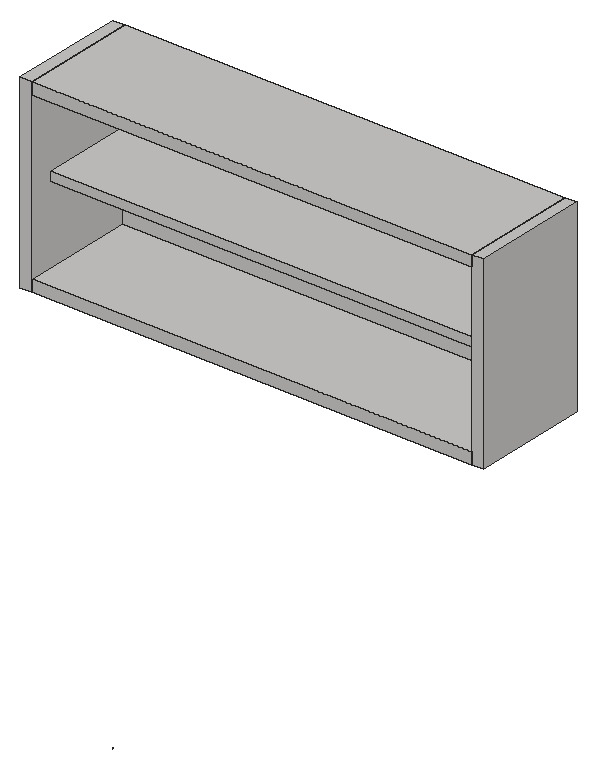
Revit family "QF_ELECTROLUXPROFESSIONAL_133259_PA1600LCN", category Attrezzature speciali, Revit 2020
Family settings
  Quota connettore circolare = Usa diametro
  Tipo di parte = Normale
  Basato su piano di lavoro = No
  Sempre verticale = Sì
  Taglio con vuoti quando caricato = No
  Condiviso = No
  Punto di calcolo locali = No
Parameters (values of type "Standard")
  Weight = 25.00 kg
  Watts = 0 W
  Volts = 0 V
  URL Manufacturer = "https://www.electroluxprofessional.com/"
  URL = "https://www.electroluxprofessional.com/"
  Steam Supply Size = 0 mm
  Steam Supply Minimum Pressure = 0.0 Pa
  Steam Supply Maximum Pressure = 0.0 Pa
  Steam Consumption per Hour = 0
  Refrigeration Suction Line Size = 0.0 mm
  Refrigeration Liquid Line Size = 0.0 mm
  Refrigerant Compressor Remote = yes
  Prospetto di default = 0.0 mm
  Phase = 0
  Modello = "PA1600LCN"
  Produttore = "Electrolux Professional"
  Length Actual = 1600.0 mm  # constant formula
  Item Number = "133259"
  Hot Water Size = 0 mm
  Height Actual = 650.0 mm  # constant formula
  HP = "0 HP"
  Gas Size = 0 mm
  Gas KW = 0
  Gas Input Pressure = 0 W
  Direct Waste Size = 0 mm
  Descrizione = "OPEN WALL CUPBOARD 1600 MM"
  Depth Actual = 400.0 mm  # constant formula
  Cycle = 0 Hz
  Condensate Return Size = 0 mm
  Compressed Air Volume = 0.0 L/s
  Compressed Air Size = 0 mm
  Compressed Air Pressure = 0.0 Pa
  Cold Water Size = 0 mm
  Accessory = yes
Reference planes
  plane 1 "Center (Front/Back)": y = 0
  plane 2: z = 0
  plane 3 "Center (Left/Right)": x = -300
  plane 4 "LEFT": x = -1100
  plane 5 "RIGHT": x = 500
  plane 6 "BACK": y = 200
  plane 7 "FRONT": y = -200
  plane 8 "Base": z = 2250
  plane 9 "BASE": z = 1600
  plane 10: x = -1060
  plane 11: x = 460
  plane 12: y = -197
  plane 13: y = 150
  plane 14: y = 190
  plane 15 "Ripiano": z = 1910
  plane 16: z = 1940
Forms (mm)
  Extrusion 1, solid, material "QF_Finishes_Stainless Steel"
    sketch origin (0, 0, 1600) x (-1, 0, 0) y (0, -1, 0)
      loop
        line (1100, -200) -> (1100, 200) -> (1060, 200) -> (1060, -200) -> (1100, -200)
      loop
        line (-460, -200) -> (-460, 200) -> (-500, 200) -> (-500, -200) -> (-460, -200)
    from 0 to 650
  Extrusion 2, solid, material "QF_Finishes_Stainless Steel"
    sketch origin (0, 0, 1600) x (-1, 0, 0) y (0, -1, 0)
      loop
        line (1060, -200) -> (1060, 200) -> (-460, 200) -> (-460, -200) -> (1060, -200)
    from 0 to 40
  Extrusion 3, solid, material "QF_Finishes_Stainless Steel"
    sketch origin (0, 0, 0) x (1, 0, 0) y (0, 1, 0)
      loop
        line (-1060, -200) -> (460, -200) -> (460, 200) -> (-1060, 200) -> (-1060, -200)
    from 2210 to 2250
  Extrusion 4, solid, material "QF_Finishes_Stainless Steel"
    sketch origin (0, 0, 0) x (1, 0, 0) y (0, 1, 0)
      loop
        line (-1100, 200) -> (-1100, 199) -> (-1099, 199) -> (-1099, 200) -> (-1100, 200)
    from 0 to 1
  Extrusion 5, solid, material "QF_Finishes_Stainless Steel"
    sketch origin (0, 0, 1910) x (-1, 0, 0) y (0, -1, 0)
      loop
        line (1060, -190) -> (1060, 124.1) -> (-460, 124.1) -> (-460, -190) -> (1060, -190)
    from 0 to 30
  Extrusion 6, solid, material "QF_Finishes_Stainless Steel"
    sketch origin (0, 0, 1910) x (-1, 0, 0) y (0, -1, 0)
      loop
        line (1060, -200) -> (1060, -190) -> (-460, -190) -> (-460, -200) -> (1060, -200)
    from -270 to 300
Lines and regions (mm)
  symbolic lines
    curve 1: line (500, 200, 0) -> (-1100, -200, 0)
    curve 2: line (-1100, 200, 0) -> (500, 200, 0)
    curve 3: line (-1100, -200, 0) -> (-1100, 200, 0)
    curve 4: line (500, -200, 0) -> (-1100, -200, 0)
    curve 5: line (500, 200, 0) -> (500, -200, 0)
  symbolic lines, style "SpecialityEquipmentHiddenLines"
    curve 6: line (-1060, -124.1, 1910) -> (460, -124.1, 1910)
    curve 7: line (460, -200, 1910) -> (460, 190, 1910)
    curve 8: line (460, 190, 1910) -> (-1060, 190, 1910)
    curve 9: line (-1060, 190, 1910) -> (-1060, -200, 1910)
Dimensions and locks
  plane 4 "LEFT" to plane 5 "RIGHT" = 1600.0 mm
  equal spacing: plane 4 "LEFT", plane 3 "Center (Left/Right)", plane 5 "RIGHT"
  plane 6 "BACK" to plane 7 "FRONT" = 400.0 mm
  equal spacing: plane 6 "BACK", plane 1 "Center (Front/Back)", plane 7 "FRONT"
  plane 9 "BASE" to level = 1600.0 mm
  locked: plane 4 "LEFT" to plane 10 at 40
  locked: plane 11 to plane 5 "RIGHT" at 40
  plane 12 to plane 7 "FRONT" = 3.0 mm
  plane 6 "BACK" to plane 13 = 50.0 mm
  locked: plane 8 "Base" to plane 9 "BASE" at 650
  locked: plane 15 "Ripiano" to plane 9 "BASE" at 310
  locked: plane 16 to plane 15 "Ripiano" at 30
  aligned and locked: level to plane 2
  aligned and locked: plane 8 "Base" to Extrusion 1
  aligned and locked: plane 6 "BACK" to Extrusion 1 sketch curve
  aligned and locked: Extrusion 1 sketch curve to plane 6 "BACK"
  aligned and locked: plane 7 "FRONT" to Extrusion 1 sketch curve
  aligned and locked: Extrusion 1 sketch curve to plane 7 "FRONT"
  aligned and locked: plane 10 to Extrusion 1
  aligned and locked: Extrusion 1 to plane 11
  aligned and locked: Extrusion 2 to plane 10
  aligned and locked: plane 11 to Extrusion 2
  aligned and locked: plane 8 "Base" to Extrusion 3
  aligned and locked: Extrusion 3 to plane 7 "FRONT"
  aligned and locked: Extrusion 2 to plane 7 "FRONT"
Automatic sketch dimensions
  Extrusion 1 sketch curve to plane 5 "RIGHT" = 0.0 mm
  Extrusion 1 sketch curve to plane 11 = 0.0 mm
  Extrusion 1 sketch curve to plane 10 = 0.0 mm
  Extrusion 1 sketch curve to plane 4 "LEFT" = 0.0 mm
  Extrusion 2 sketch curve to plane 11 = 0.0 mm
  Extrusion 2 sketch curve to plane 10 = 0.0 mm
  Extrusion 2 sketch curve to plane 13 = 50.0 mm
  Extrusion 2 sketch curve to plane 12 = 3.0 mm
  Extrusion 3 sketch curve to plane 10 = 0.0 mm
  Extrusion 3 sketch curve to plane 11 = 0.0 mm
  Extrusion 3 sketch curve to plane 12 = 3.0 mm
  Extrusion 3 sketch curve to plane 14 = 10.0 mm
  Extrusion 4 sketch curve to plane 6 "BACK" = 0.0 mm
  Extrusion 4 sketch curve to plane 4 "LEFT" = 0.0 mm
  plane 4 "LEFT" to Extrusion 4 sketch curve = 1.0 mm
  Extrusion 4 sketch curve to plane 6 "BACK" = 1.0 mm
  curve 4 to plane 4 "LEFT" = 0.0 mm
  curve 5 to plane 5 "RIGHT" = 0.0 mm
  Extrusion 5 sketch curve to plane 11 = 0.0 mm
  Extrusion 5 sketch curve to plane 10 = 0.0 mm
  plane 14 to Extrusion 5 sketch curve = 0.0 mm
  plane 12 to Extrusion 5 sketch curve = 72.9 mm
  Extrusion 6 sketch curve to plane 6 "BACK" = 0.0 mm
  Extrusion 6 sketch curve to plane 11 = 0.0 mm
  Extrusion 6 sketch curve to plane 10 = 0.0 mm
  plane 14 to Extrusion 6 sketch curve = 0.0 mm
  curve 1 to plane 7 "FRONT" = 0.0 mm
  curve 3 to plane 6 "BACK" = 0.0 mm
  curve 6 to plane 11 = 0.0 mm
  curve 6 to plane 10 = 0.0 mm
  plane 14 to curve 9 = 0.0 mm
  curve 9 to plane 7 "FRONT" = 0.0 mm
  curve 7 to plane 7 "FRONT" = 0.0 mm
  plane 12 to curve 6 = 72.9 mm
